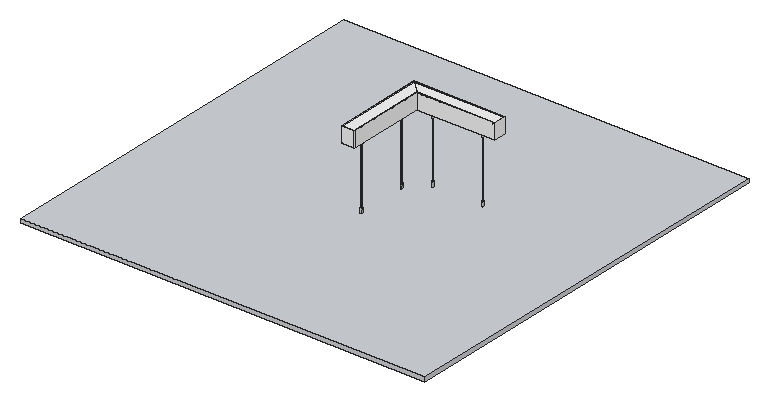
Revit family "Zumtobel SLOTLIGHT INF II MSC CL", category Lighting Fixtures, host Face, Revit 2018
Family settings
  Host = Face
  Round Connector Dimension = Use Diameter
  Part Type = Normal
  OmniClass Number = 23.80.70.11
  OmniClass Title = Luminaries for Internal Lighting
  Cut with Voids When Loaded = No
  Light Source = Yes
  Shared = No
  Room Calculation Point = No
Parameters (values of type "SLN2-B CL 1600-840 L545 PC/PCO LDE")
  Width = 76 mm  # constant formula
  Wattage = 11.1753 W
  built-in parameter 1150110 = 1 (stored number, unit not read)
  Voltage = 230 V
  URL = "http://www.zumtobel.com/42189246"
  Type Comments = "© Zumtobel. We reserve the right to make technical changes without prior notice."  # constant formula
  built-in parameter 1114217 = 1 (stored number, unit not read)
  Tilt Angle = -90.00°
  built-in parameter 1150109 = 1 (stored number, unit not read)
  built-in parameter 1150134 = 12
  Suspension Value [instance] = if(Suspension Height = 0 mm, 103 mm, if(Suspension Height < 0 mm, 103 mm, Suspension Height))  # 500 mm
  Suspension Height [instance] = 500 mm
  built-in parameter 1150113 = 1 (stored number, unit not read)
  SLN2-B = not(Minicell)  # yes
  Photometric Web File = "42189246_(840PC-4000K-diffuse_LEO1).IES"
  Opaque Cover [instance] = yes
  Model = "42189246+22903548"
  Minicell = no
  Manufacturer = "Zumtobel Lighting"  # constant formula
  built-in parameter 1150105 = 132.1 (stored number, unit not read)
  Lumens = 1660 lm
  built-in parameter 1150115 = 1 (stored number, unit not read)
  built-in parameter 1150137 = (empty or 0)
  built-in parameter 1150139 = (empty or 0)
  Length = 545 mm
  built-in parameter 1150112 = 1 (stored number, unit not read)
  built-in parameter 1150114 = 1 (stored number, unit not read)
  Lamp = "LED"
  built-in parameter 1150132 = 2
  built-in parameter 1150102 = (empty or 0)
  built-in parameter 1150107 = 4000 (stored number, unit not read)
  built-in parameter 1150138 = (empty or 0)
  built-in parameter 1150106 = 1.321 (stored number, unit not read)
  Height = 92 mm  # constant formula
  End Cover 2 [instance] = yes
  End Cover 1 [instance] = yes
  Emit from Rectangle Width = Length  # 545 mm
  Emit from Rectangle Length = 71 mm  # constant formula
  Emit Shape Visible in Rendering = no
  built-in parameter 1150104 = 13.8 (stored number, unit not read)
  Dimming Lamp Color Temperature Shift = <None>
  Description = "SLOTLIGHT Infinity II MSC conrer luminaire"  # constant formula
  Default Elevation = 0 mm
  Color Filter = 16777215
  Body [instance] = Zumtobel_Metal_White
  built-in parameter 1114218 = 1 (stored number, unit not read)
  built-in parameter 1150133 = 10 (stored number, unit not read)
  Assembly Code = "D5020200"
  Apparent Load = 13.6 VA
Reference planes
  plane 1 "Center (Front/Back)": y = 0
  plane 2 "Top": z = 0
  plane 3 "Center (Left/Right)": x = -0.5
  plane 4: y = 272.5
  plane 5: y = -272.5
  plane 6: z = 500
  plane 7: y = 129.5
  plane 8: x = -38.5
  plane 9: x = 37.5
  plane 10: y = 196.5
  plane 11: y = 234.5
  plane 12: x = 506.5
  plane 13: x = 234
Forms (mm)
  Extrusion 1, solid
    sketch origin (0, 0, 0) x (1, 0, 0) y (0, 1, 0)
      loop
        line (-1219.2, 1219.2) -> (-1219.2, -1219.2) -> (1219.2, -1219.2) -> (1219.2, 1219.2) -> (-1219.2, 1219.2)
    from 0 to -25
Dimensions and locks
  equal spacing: plane 4, plane 1 "Center (Front/Back)", plane 5
  "Length": plane 4 to plane 5
  "Suspension Value": plane 6 to plane 2 "Top"
  locked: plane 4 to plane 7 at 143
  locked: connector elem to plane 7
  "Width": plane 8 to plane 9
  equal spacing: plane 8, plane 3 "Center (Left/Right)", plane 9
  equal spacing: plane 10, plane 11, plane 4
  "Width": plane 10 to plane 4
  "Length": plane 8 to plane 12
  equal spacing: plane 8, plane 13, plane 12
  aligned and locked: plane 2 "Top" to Extrusion 1
  aligned and locked: level to Extrusion 1
  aligned and locked: plane 3 "Center (Left/Right)" to nested 1
  aligned and locked: nested 1 to plane 1 "Center (Front/Back)"
  aligned: imposter light to nested 1
  aligned and locked: plane 3 "Center (Left/Right)" to imposter light
  aligned and locked: imposter light to plane 6
  aligned and locked: plane 2 "Top" to nested 1
  aligned and locked: plane 8 to nested 2
  aligned and locked: nested 2 to plane 11
  aligned and locked: nested 3 to plane 11
  aligned and locked: nested 3 to plane 13
Automatic sketch dimensions
  Extrusion 1 sketch curve to Extrusion 1 sketch curve = 2438.4 mm  (x2)
Nested families
  nested 1: "Zumtobel SLOTLIGHT - Body" at (199.5, 72.576, 120), Suspension Height <- "Suspension Height", Cover 1 <- "End Cover 1", Opaque Cover <- "Opaque Cover", Body <- "Body", type "Zumtobel SLOTLIGHT - Body"
    with Suspension Value 500 mm, Suspension Length 408 mm, Suspension Height 500 mm, Suspension yes, Opaque Cover yes, Cover 1 yes, Cover Zumtobel_Metal_White, Color Light Emitting Surface none, Body Zumtobel_Metal_White
  nested 2: "Zumtobel SLOTLIGHT - Body" at (161.424, 34.5, 120) x (0, -1, 0) z (0, 0, 1), Suspension Height <- "Suspension Height", Cover 1 <- "End Cover 2", Opaque Cover <- "Opaque Cover", Body <- "Body", type "Zumtobel SLOTLIGHT - Body"
    with Suspension Value 500 mm, Suspension Length 408 mm, Suspension Height 500 mm, Suspension yes, Opaque Cover yes, Cover 1 yes, Cover Zumtobel_Metal_White, Color Light Emitting Surface none, Body Zumtobel_Metal_White
  nested 3: "Zumtobel SLOTLIGHT INF II MRC CL Lamp" at (233.5, 234.587, 500) x (-1, 0, 0) z (0, 0, 1), type "SLN2-C CL MRC L545 WH"
    with Opaque Cover no, End Cover 2 yes, End Cover 1 yes, Cover 2 Offset 3 mm, Cover 1 Offset 3 mm, Body Zumtobel_Metal_White
Connectors
  electrical at (-0.5, 129.5, 0), driven by "Apparent Load", driven by "Voltage", driven by "Apparent Load"
    settings: index 1, voltage 230 V, apparent load 13.6 VA, apparent load phase1 13.6 VA, apparent load phase2 0 VA, apparent load phase3 0 VA, power factor 1, load classification "Lighting", number of poles 1, system type 30, power factor state 1, is connector primary yes, connector utility no, sub classification motor no, connector description "Power"
Definition of nested family "Zumtobel SLOTLIGHT - Body"
  Parameters (values of type "Zumtobel SLOTLIGHT - Body")
    Width = 76 mm
    Voltage = 0
    URL = ""
    Suspension Value [instance] = if(Suspension Height = 0 mm, 103 mm, Suspension Height)  # 250 mm
    Suspension Length [instance] = if(Suspension Height = 0 mm, 500 mm, Suspension Height - 92 mm)  # 158 mm
    Suspension Height [instance] = 250 mm
    Suspension [instance] = not(or(Suspension Height < 0 mm, Suspension Height = 0 mm))  # yes
    Opaque Cover [instance] = yes
    Model = ""
    Minicell = no
    Manufacturer = "Zumtobel Lighting"
    MSC = yes
    Length = 545 mm
    Lamp = ""
    Emit Shape Visible in Rendering = no
    Description = ""
    Cover 1 [instance] = yes
    Cover [instance] = none
    Color Light Emitting Surface [instance] = none
    Body [instance] = none
    Assembly Code = "D5020200"
    Apparent Load = 0 VA
  Reference planes
    plane 1 "Bottom Body": z = 380
    plane 2 "Center (Left/Right)": x = -200
    plane 3 "Center (Front/Back)": y = -72.576
    plane 4 "Back": y = 199.924
    plane 5 "Front": y = -345.076
    plane 6: x = -162
    plane 7: x = -238
    plane 8 "Top": z = 130
    plane 9 "Bottom": z = -120
    plane 10 "Suspension 2": y = 56.924
    plane 11 "Suspension 1": y = -245.076
    plane 12: z = 357
    plane 13: z = 38
    plane 14 "Top Body": z = 38
    plane 15: z = 27
    plane 16: z = 4
    plane 17 "Cut": z = 127.5
    plane 18: y = -598.382
    plane 19: y = -588.382
    plane 20: y = -573.382
    plane 21: y = -533.382
    plane 22: y = -523.382
    plane 23: y = -583.382
    plane 24: y = -508.382
    plane 25: y = -468.382
    plane 26: y = -458.382
    plane 27: y = -518.382
    plane 28: y = -443.382
    plane 29: y = -403.382
    plane 30: y = -393.382
    plane 31: y = -453.382
    plane 32: y = -378.382
    plane 33: y = -338.382
    plane 34: y = -328.382
    plane 35: y = -388.382
    plane 36: y = -313.382
    plane 37: y = -273.382
    plane 38: y = -263.382
    plane 39: y = -323.382
    plane 40: y = -248.382
    plane 41: y = -208.382
    plane 42: y = -198.382
    plane 43: y = -258.382
    plane 44: y = -183.382
    plane 45: y = -143.382
    plane 46: y = -133.382
    plane 47: y = -193.382
    plane 48: y = -118.382
    plane 49: y = -78.382
    plane 50: y = -68.382
    plane 51: y = -128.382
    plane 52: y = -53.382
    plane 53: y = -13.382
    plane 54: y = -3.382
    plane 55: y = -63.382
    plane 56: y = 11.618
    plane 57: y = 51.618
    plane 58: y = 61.618
    plane 59: y = 1.618
    plane 60: y = 76.618
    plane 61: y = 116.618
    plane 62: y = 126.618
    plane 63: y = 66.618
    plane 64: y = 141.618
    plane 65: y = 131.618
    plane 66 "2": y = 66.924
    plane 67 "3": y = 46.924
    plane 68 "4": y = -255.076
    plane 69 "5": y = -235.076
    plane 70: z = -95
    plane 71 "6": y = -348.076
    plane 72 "7": y = 202.924
    plane 73: y = 181.618
    plane 74: y = 191.618
  Forms (mm)
    Extrusion 1, solid, visible <- "Suspension", detail levels medium+fine
      sketch origin (0, 0, -120) x (1, 0, 0) y (0, 1, 0)
        loop
          circle (-200, 56.924) r 1.5
        loop
          circle (-200, -245.076) r 1.5
      from 25 to 124
    Extrusion 2, solid, visible <- "Suspension", detail levels medium+fine
      sketch origin (0, 0, -40) x (1, 0, 0) y (0, 1, 0)
        loop
          circle (-200, 56.924) r 5
        loop
          circle (-200, -245.076) r 5
      from 44 to 67
    Sweep 3, solid, material <- "Body", visible <- "MSC", detail levels medium+fine
      path origin (0, 0, 130) x (-1, 0, 0) y (0, -1, 0)
        loop
          line (200, 345.076) -> (200, -199.924)
      profile "Zumtobel SLOTLIGHT INF Profile : Zumtobel SLOTLIGHT INF Profile" origin (-200, -72.576, 130) x (-1, 0, 0) y (0, 0, 1)
        loop
          line (-38, -92) -> (-35.5, -92) -> (-35.5, -87) -> (35.5, -87) -> (35.5, -92) -> (38, -92) -> (38, 0) -> (35.5, 0) -> (35.5, -5) -> (33, -5) -> (33, -2.5) -> (-33, -2.5) -> (-33, -5) -> (-35.5, -5) -> (-35.5, 0) -> (-38, 0) -> (-38, -92)
    Sweep 4, solid, detail levels medium+fine
      path origin (0, 0, 130) x (-1, 0, 0) y (0, -1, 0)
        loop
          line (200, -46.924) -> (200, -66.924)
      profile "Zumtobel SLOTLIGHT INF Clip Profile : Zumtobel SLOTLIGHT INF Clip Profile" origin (-200, 56.924, 130) x (-1, 0, 0) y (0, 0, 1)
        loop
          line (-20.008, -87) -> (-20.008, -92) -> (-13.657, -103) -> (13.657, -103) -> (20.008, -92) -> (20.008, -87) -> (-20.008, -87)
    Sweep 5, solid, detail levels medium+fine
      path origin (0, -395.153, 130) x (-1, 0, 0) y (0, 1, 0)
        loop
          line (200, 160.076) -> (200, 140.076)
      profile "Zumtobel SLOTLIGHT INF Clip Profile : Zumtobel SLOTLIGHT INF Clip Profile" origin (-200, -245.076, 130) x (1, 0, 0) y (0, 0, 1)
        loop
          line (20.008, -87) -> (-20.008, -87) -> (-20.008, -92) -> (-13.657, -103) -> (13.657, -103) -> (20.008, -92) -> (20.008, -87)
    Sweep 6, solid, material <- "Body", visible <- "Cover 1", detail levels medium+fine
      path origin (0, -395.153, 130) x (-1, 0, 0) y (0, 1, 0)
        loop
          line (200, 50.076) -> (200, 47.076)
      profile "Zumtobel SLOTLIGHT INF Cover : Zumtobel SLOTLIGHT INF Cover" origin (-200, -346.576, 130) x (1, 0, 0) y (0, 0, 1)
        loop
          line (38, -92) -> (38, 0) -> (-38, 0) -> (-38, -92) -> (38, -92)
    Sweep 7, solid, material <- "Body", visible <- "Minicell", detail levels medium+fine
      path origin (0, 0, 130) x (-1, 0, 0) y (0, -1, 0)
        loop
          line (200, 345.076) -> (200, -199.924)
      profile "Zumtobel SLOTLIGHT INF Profile : Zumtobel SLOTLIGHT INF Profile" origin (-200, -72.576, 130) x (-1, 0, 0) y (0, 0, 1)
        loop
          line (-38, -92) -> (-35.5, -92) -> (-35.5, -87) -> (35.5, -87) -> (35.5, -92) -> (38, -92) -> (38, 0) -> (35.5, 0) -> (35.5, -5) -> (33, -5) -> (33, -2.5) -> (-33, -2.5) -> (-33, -5) -> (-35.5, -5) -> (-35.5, 0) -> (-38, 0) -> (-38, -92)
    Blend 8, void
      base sketch origin (-1000, 520, 127.5) x (-1, 0, 0) y (0, -1, 0)
        loop
          line (-770.305, 887.576) -> (-770.305, 1108.382) -> (-830.305, 1108.382) -> (-830.305, 887.576) -> (-770.305, 887.576)
      top sketch origin (-1000, 520, 127.5) x (-1, 0, 0) y (0, -1, 0)
        loop
          line (-780.305, 877.576) -> (-780.305, 1118.382) -> (-820.305, 1118.382) -> (-820.305, 877.576) -> (-780.305, 877.576)
      from 0 to -30
    Blend 9, void
      base sketch origin (-1000, 585, 127.5) x (-1, 0, 0) y (0, -1, 0)
        loop
          line (-770.305, 1168.382) -> (-830.305, 1168.382) -> (-830.305, 1108.382) -> (-770.305, 1108.382) -> (-770.305, 1168.382)
      top sketch origin (-1000, 585, 127.5) x (-1, 0, 0) y (0, -1, 0)
        loop
          line (-780.305, 1158.382) -> (-820.305, 1158.382) -> (-820.305, 1118.382) -> (-780.305, 1118.382) -> (-780.305, 1158.382)
      from 0 to -30
    Blend 10, void
      base sketch origin (-1000, 650, 127.5) x (-1, 0, 0) y (0, -1, 0)
        loop
          line (-770.305, 1168.382) -> (-830.305, 1168.382) -> (-830.305, 1108.382) -> (-770.305, 1108.382) -> (-770.305, 1168.382)
      top sketch origin (-1000, 650, 127.5) x (-1, 0, 0) y (0, -1, 0)
        loop
          line (-780.305, 1158.382) -> (-820.305, 1158.382) -> (-820.305, 1118.382) -> (-780.305, 1118.382) -> (-780.305, 1158.382)
      from 0 to -30
    Blend 11, void
      base sketch origin (-1000, 715, 127.5) x (-1, 0, 0) y (0, -1, 0)
        loop
          line (-770.305, 1168.382) -> (-830.305, 1168.382) -> (-830.305, 1108.382) -> (-770.305, 1108.382) -> (-770.305, 1168.382)
      top sketch origin (-1000, 715, 127.5) x (-1, 0, 0) y (0, -1, 0)
        loop
          line (-780.305, 1158.382) -> (-820.305, 1158.382) -> (-820.305, 1118.382) -> (-780.305, 1118.382) -> (-780.305, 1158.382)
      from 0 to -30
    Blend 12, void
      base sketch origin (-1000, 780, 127.5) x (-1, 0, 0) y (0, -1, 0)
        loop
          line (-770.305, 1168.382) -> (-830.305, 1168.382) -> (-830.305, 1108.382) -> (-770.305, 1108.382) -> (-770.305, 1168.382)
      top sketch origin (-1000, 780, 127.5) x (-1, 0, 0) y (0, -1, 0)
        loop
          line (-780.305, 1158.382) -> (-820.305, 1158.382) -> (-820.305, 1118.382) -> (-780.305, 1118.382) -> (-780.305, 1158.382)
      from 0 to -30
    Blend 13, void
      base sketch origin (-1000, 845, 127.5) x (-1, 0, 0) y (0, -1, 0)
        loop
          line (-770.305, 1168.382) -> (-830.305, 1168.382) -> (-830.305, 1108.382) -> (-770.305, 1108.382) -> (-770.305, 1168.382)
      top sketch origin (-1000, 845, 127.5) x (-1, 0, 0) y (0, -1, 0)
        loop
          line (-780.305, 1158.382) -> (-820.305, 1158.382) -> (-820.305, 1118.382) -> (-780.305, 1118.382) -> (-780.305, 1158.382)
      from 0 to -30
    Blend 14, void
      base sketch origin (-1000, 910, 127.5) x (-1, 0, 0) y (0, -1, 0)
        loop
          line (-770.305, 1168.382) -> (-830.305, 1168.382) -> (-830.305, 1108.382) -> (-770.305, 1108.382) -> (-770.305, 1168.382)
      top sketch origin (-1000, 910, 127.5) x (-1, 0, 0) y (0, -1, 0)
        loop
          line (-780.305, 1158.382) -> (-820.305, 1158.382) -> (-820.305, 1118.382) -> (-780.305, 1118.382) -> (-780.305, 1158.382)
      from 0 to -30
    Blend 15, void
      base sketch origin (-1000, 975, 127.5) x (-1, 0, 0) y (0, -1, 0)
        loop
          line (-770.305, 1168.382) -> (-830.305, 1168.382) -> (-830.305, 1108.382) -> (-770.305, 1108.382) -> (-770.305, 1168.382)
      top sketch origin (-1000, 975, 127.5) x (-1, 0, 0) y (0, -1, 0)
        loop
          line (-780.305, 1158.382) -> (-820.305, 1158.382) -> (-820.305, 1118.382) -> (-780.305, 1118.382) -> (-780.305, 1158.382)
      from 0 to -30
    Blend 16, void
      base sketch origin (-1000, 1040, 127.5) x (-1, 0, 0) y (0, -1, 0)
        loop
          line (-770.305, 1168.382) -> (-830.305, 1168.382) -> (-830.305, 1108.382) -> (-770.305, 1108.382) -> (-770.305, 1168.382)
      top sketch origin (-1000, 1040, 127.5) x (-1, 0, 0) y (0, -1, 0)
        loop
          line (-780.305, 1158.382) -> (-820.305, 1158.382) -> (-820.305, 1118.382) -> (-780.305, 1118.382) -> (-780.305, 1158.382)
      from 0 to -30
    Blend 17, void
      base sketch origin (-1000, 1105, 127.5) x (-1, 0, 0) y (0, -1, 0)
        loop
          line (-770.305, 1168.382) -> (-830.305, 1168.382) -> (-830.305, 1108.382) -> (-770.305, 1108.382) -> (-770.305, 1168.382)
      top sketch origin (-1000, 1105, 127.5) x (-1, 0, 0) y (0, -1, 0)
        loop
          line (-780.305, 1158.382) -> (-820.305, 1158.382) -> (-820.305, 1118.382) -> (-780.305, 1118.382) -> (-780.305, 1158.382)
      from 0 to -30
    Blend 18, void
      base sketch origin (-1000, 1170, 127.5) x (-1, 0, 0) y (0, -1, 0)
        loop
          line (-770.305, 1168.382) -> (-830.305, 1168.382) -> (-830.305, 1108.382) -> (-770.305, 1108.382) -> (-770.305, 1168.382)
      top sketch origin (-1000, 1170, 127.5) x (-1, 0, 0) y (0, -1, 0)
        loop
          line (-780.305, 1158.382) -> (-820.305, 1158.382) -> (-820.305, 1118.382) -> (-780.305, 1118.382) -> (-780.305, 1158.382)
      from 0 to -30
    Blend 19, void
      base sketch origin (-1000, 1235, 127.5) x (-1, 0, 0) y (0, -1, 0)
        loop
          line (-770.305, 1168.382) -> (-830.305, 1168.382) -> (-830.305, 1108.382) -> (-770.305, 1108.382) -> (-770.305, 1168.382)
      top sketch origin (-1000, 1235, 127.5) x (-1, 0, 0) y (0, -1, 0)
        loop
          line (-780.305, 1158.382) -> (-820.305, 1158.382) -> (-820.305, 1118.382) -> (-780.305, 1118.382) -> (-780.305, 1158.382)
      from 0 to -30
    Blend 20, void
      base sketch origin (-1000, 1300, 127.5) x (-1, 0, 0) y (0, -1, 0)
        loop
          line (-770.305, 1168.382) -> (-830.305, 1168.382) -> (-830.305, 1108.382) -> (-770.305, 1108.382) -> (-770.305, 1168.382)
      top sketch origin (-1000, 1300, 127.5) x (-1, 0, 0) y (0, -1, 0)
        loop
          line (-780.305, 1158.382) -> (-820.305, 1158.382) -> (-820.305, 1118.382) -> (-780.305, 1118.382) -> (-780.305, 1158.382)
      from 0 to -30
    Sweep 21, solid, material <- "Cover", visible <- "Opaque Cover", detail levels medium+fine
      path origin (-100, 0, 130) x (-1, 0, 0) y (0, -1, 0)
        loop
          line (100, 345.076) -> (100, -199.924)
      profile "Zumtobel SLOTLIGHT INF Profile Opaque Cover : Zumtobel SLOTLIGHT INF Profile Opaque Cover" origin (-200, -72.576, 130) x (-1, 0, 0) y (0, 0, 1)
        loop
          line (-35.5, -2.5) -> (35.5, -2.5) -> (35.5, 0) -> (-35.5, 0) -> (-35.5, -2.5)
    Extrusion 22, solid, visible <- "Suspension", detail levels medium+fine
      sketch origin (0, 0, -145) x (1, 0, 0) y (0, 1, 0)
        loop
          circle (-200, 56.924) r 5
        loop
          circle (-200, -245.076) r 5
      from 25 to 50
    Extrusion 23, void
      sketch origin (-238, 199.924, 38) x (0.707107, -0.707107, 0) y (0, 0, 1)
        loop
          line (120, 0) -> (120, 150) -> (-30, 150) -> (-30, 0) -> (120, 0)
      from 0 to -100
  Cuts and joins
    Blend 8, Blend 9, Blend 10, Blend 11, Blend 12, Blend 13, Blend 14, Blend 15, Blend 16, Blend 17, Blend 18, Blend 19, Blend 20, Extrusion 23 cuts Sweep 7
    Extrusion 23 cuts Sweep 21
    Extrusion 23 cuts Sweep 3
  Lines and regions (mm)
    reference lines
      curve 1: line (-238, 199.924, 38) -> (-139.005, 100.929, 38)
    model lines, detail levels coarse
      curve 2: line (-200, -345.076, 130) -> (-200, 161.924, 130)
      curve 3: line (-238, -345.076, 130) -> (-162, -345.076, 130)
  Dimensions and locks
    equal spacing: plane 4 "Back", plane 3 "Center (Front/Back)", plane 5 "Front"
    "Length": plane 4 "Back" to plane 5 "Front"
    equal spacing: plane 7, plane 2 "Center (Left/Right)", plane 6
    "Width": plane 7 to plane 6
    locked: plane 11 "Suspension 1" to plane 5 "Front" at 100
    locked: plane 8 "Top" to plane 13 at 92
    "Suspension Length": plane 14 "Top Body" to plane 9 "Bottom"
    "Suspension Value": plane 8 "Top" to plane 9 "Bottom"
    plane 14 "Top Body" to plane 15 to plane 16 = 11 mm locked, 23 mm locked
    locked: plane 8 "Top" to plane 17 "Cut" at 2.5
    plane 66 "2" to plane 10 "Suspension 2" to plane 67 "3" = 10 mm locked, 10 mm locked
    plane 68 "4" to plane 11 "Suspension 1" to plane 69 "5" = 10 mm locked, 10 mm locked
    locked: plane 5 "Front" to plane 71 "6" at 3
    locked: plane 4 "Back" to plane 10 "Suspension 2" at 143
    locked: Extrusion 23 sketch curve to Extrusion 23 sketch curve at 150
    locked: curve 1 to plane 4 "Back" (angle 45.00°)
    aligned and locked: level to plane 9 "Bottom"
    aligned: plane 1 "Bottom Body" to Extrusion 2
    aligned and locked: plane 2 "Center (Left/Right)" to Sweep 3 sketch curve
    aligned and locked: plane 4 "Back" to Sweep 3 sketch curve
    aligned and locked: plane 5 "Front" to Sweep 3 sketch curve
    aligned and locked: plane 16 to Extrusion 1
    aligned and locked: Extrusion 2 to plane 16
    aligned and locked: plane 15 to Extrusion 2
    aligned and locked: plane 18 to Blend 8 sketch curve
    aligned and locked: Blend 8 sketch curve to plane 19
    aligned and locked: plane 21 to Blend 9 sketch curve
    aligned and locked: Blend 9 sketch curve to plane 20
    aligned and locked: Blend 9 sketch curve to plane 22
    aligned and locked: plane 23 to Blend 9 sketch curve
    aligned and locked: plane 25 to Blend 10 sketch curve
    aligned and locked: Blend 10 sketch curve to plane 24
    aligned and locked: Blend 10 sketch curve to plane 26
    aligned and locked: plane 27 to Blend 10 sketch curve
    aligned and locked: plane 29 to Blend 11 sketch curve
    aligned and locked: Blend 11 sketch curve to plane 28
    aligned and locked: Blend 11 sketch curve to plane 30
    aligned and locked: plane 31 to Blend 11 sketch curve
    aligned and locked: plane 33 to Blend 12 sketch curve
    aligned and locked: Blend 12 sketch curve to plane 32
    aligned and locked: Blend 12 sketch curve to plane 34
    aligned and locked: plane 35 to Blend 12 sketch curve
    aligned and locked: plane 37 to Blend 13 sketch curve
    aligned and locked: Blend 13 sketch curve to plane 36
    aligned and locked: Blend 13 sketch curve to plane 38
    aligned and locked: plane 39 to Blend 13 sketch curve
    aligned and locked: plane 41 to Blend 14 sketch curve
    aligned and locked: Blend 14 sketch curve to plane 40
    aligned and locked: Blend 14 sketch curve to plane 42
    aligned and locked: plane 43 to Blend 14 sketch curve
    aligned and locked: plane 45 to Blend 15 sketch curve
    aligned and locked: Blend 15 sketch curve to plane 44
    aligned and locked: Blend 15 sketch curve to plane 46
    aligned and locked: plane 47 to Blend 15 sketch curve
    aligned and locked: plane 49 to Blend 16 sketch curve
    aligned and locked: Blend 16 sketch curve to plane 48
    aligned and locked: Blend 16 sketch curve to plane 50
    aligned and locked: plane 51 to Blend 16 sketch curve
    aligned and locked: plane 53 to Blend 17 sketch curve
    aligned and locked: Blend 17 sketch curve to plane 52
    aligned and locked: Blend 17 sketch curve to plane 54
    aligned and locked: plane 55 to Blend 17 sketch curve
    aligned and locked: plane 57 to Blend 18 sketch curve
    aligned and locked: Blend 18 sketch curve to plane 56
    aligned and locked: Blend 18 sketch curve to plane 58
    aligned and locked: plane 59 to Blend 18 sketch curve
    aligned and locked: plane 61 to Blend 19 sketch curve
    aligned and locked: Blend 19 sketch curve to plane 60
    aligned and locked: Blend 19 sketch curve to plane 62
    aligned and locked: plane 63 to Blend 19 sketch curve
    aligned and locked: Blend 20 sketch curve to plane 64
    aligned and locked: plane 65 to Blend 20 sketch curve
    aligned and locked: plane 69 "5" to Sweep 5 sketch curve
    aligned and locked: plane 68 "4" to Sweep 5 sketch curve
    aligned and locked: plane 66 "2" to Sweep 4 sketch curve
    aligned and locked: plane 67 "3" to Sweep 4 sketch curve
    aligned and locked: plane 4 "Back" to Sweep 21 sketch curve
    aligned and locked: plane 5 "Front" to Sweep 21 sketch curve
    aligned and locked: Extrusion 1 to plane 70
    aligned and locked: plane 70 to Extrusion 22
    aligned and locked: Extrusion 22 to plane 9 "Bottom"
    aligned and locked: plane 71 "6" to Sweep 6 sketch curve
    aligned and locked: plane 5 "Front" to Sweep 6 sketch curve
    aligned and locked: plane 73 to Blend 20 sketch curve
    aligned and locked: Blend 20 sketch curve to plane 74
    aligned and locked: plane 7 to curve 1
    aligned and locked: plane 4 "Back" to curve 1
    aligned and locked: Extrusion 23 sketch curve to curve 1
  Automatic sketch dimensions
    Extrusion 1 sketch curve to plane 2 "Center (Left/Right)" = 0 mm  (x2)
    plane 11 "Suspension 1" to Extrusion 1 sketch curve = 0 mm
    Extrusion 1 sketch curve to plane 10 "Suspension 2" = 0 mm
    Extrusion 2 sketch curve to plane 2 "Center (Left/Right)" = 0 mm  (x2)
    plane 11 "Suspension 1" to Extrusion 2 sketch curve = 0 mm
    Extrusion 2 sketch curve to plane 10 "Suspension 2" = 0 mm
    Sweep 4 sketch curve to plane 2 "Center (Left/Right)" = 0 mm
    Sweep 5 sketch curve to plane 2 "Center (Left/Right)" = 0 mm
    Sweep 6 sketch curve to plane 2 "Center (Left/Right)" = 0 mm
    Sweep 7 sketch curve to plane 2 "Center (Left/Right)" = 0 mm
    Sweep 7 sketch curve to plane 4 "Back" = 0 mm
    Sweep 7 sketch curve to plane 5 "Front" = 0 mm
    Blend 8 sketch curve to plane 6 = 7.695 mm
    Blend 8 sketch curve to plane 7 = 8.305 mm
    Blend 8 sketch curve to plane 6 = 17.695 mm
    Blend 8 sketch curve to plane 7 = 18.305 mm
    Blend 9 sketch curve to plane 6 = 7.695 mm
    Blend 9 sketch curve to plane 7 = 8.305 mm
    Blend 9 sketch curve to plane 6 = 17.695 mm
    Blend 9 sketch curve to plane 7 = 18.305 mm
    Blend 10 sketch curve to plane 6 = 7.695 mm
    Blend 10 sketch curve to plane 7 = 8.305 mm
    Blend 10 sketch curve to plane 6 = 17.695 mm
    Blend 10 sketch curve to plane 7 = 18.305 mm
    Blend 11 sketch curve to plane 6 = 7.695 mm
    Blend 11 sketch curve to plane 7 = 8.305 mm
    Blend 11 sketch curve to plane 6 = 17.695 mm
    Blend 11 sketch curve to plane 7 = 18.305 mm
    Blend 12 sketch curve to plane 6 = 7.695 mm
    Blend 12 sketch curve to plane 7 = 8.305 mm
    Blend 12 sketch curve to plane 6 = 17.695 mm
    Blend 12 sketch curve to plane 7 = 18.305 mm
    Blend 13 sketch curve to plane 6 = 7.695 mm
    Blend 13 sketch curve to plane 7 = 8.305 mm
    Blend 13 sketch curve to plane 6 = 17.695 mm
    Blend 13 sketch curve to plane 7 = 18.305 mm
    Blend 14 sketch curve to plane 6 = 7.695 mm
    Blend 14 sketch curve to plane 7 = 8.305 mm
    Blend 14 sketch curve to plane 6 = 17.695 mm
    Blend 14 sketch curve to plane 7 = 18.305 mm
    Blend 15 sketch curve to plane 6 = 7.695 mm
    Blend 15 sketch curve to plane 7 = 8.305 mm
    Blend 15 sketch curve to plane 6 = 17.695 mm
    Blend 15 sketch curve to plane 7 = 18.305 mm
    Blend 16 sketch curve to plane 6 = 7.695 mm
    Blend 16 sketch curve to plane 7 = 8.305 mm
    Blend 16 sketch curve to plane 6 = 17.695 mm
    Blend 16 sketch curve to plane 7 = 18.305 mm
    Blend 17 sketch curve to plane 6 = 7.695 mm
    Blend 17 sketch curve to plane 7 = 8.305 mm
    Blend 17 sketch curve to plane 6 = 17.695 mm
    Blend 17 sketch curve to plane 7 = 18.305 mm
    Blend 18 sketch curve to plane 6 = 7.695 mm
    Blend 18 sketch curve to plane 7 = 8.305 mm
    Blend 18 sketch curve to plane 6 = 17.695 mm
    Blend 18 sketch curve to plane 7 = 18.305 mm
    Blend 19 sketch curve to plane 6 = 7.695 mm
    Blend 19 sketch curve to plane 7 = 8.305 mm
    Blend 19 sketch curve to plane 6 = 17.695 mm
    Blend 19 sketch curve to plane 7 = 18.305 mm
    Blend 20 sketch curve to plane 6 = 7.695 mm
    Blend 20 sketch curve to plane 7 = 8.305 mm
    Blend 20 sketch curve to plane 6 = 17.695 mm
    Blend 20 sketch curve to plane 7 = 18.305 mm
    Sweep 21 sketch curve to plane 2 "Center (Left/Right)" = 0 mm
    Extrusion 22 sketch curve to plane 2 "Center (Left/Right)" = 0 mm  (x2)
    plane 11 "Suspension 1" to Extrusion 22 sketch curve = 0 mm
    Extrusion 22 sketch curve to plane 10 "Suspension 2" = 0 mm
    Blend 8 sketch curve to plane 71 "6" = 19.5 mm
    Blend 8 sketch curve to plane 71 "6" = 9.5 mm
    Extrusion 23 sketch curve to curve 1 = 20 mm
    Extrusion 23 sketch curve to curve 1 = 30 mm
    curve 3 to plane 5 "Front" = 0 mm
    curve 3 to plane 6 = 0 mm
    curve 2 to plane 2 "Center (Left/Right)" = 0 mm
    curve 3 to plane 7 = 0 mm
    curve 2 to plane 73 = 19.695 mm
    radius of Extrusion 1 sketch curve = 1.5 mm  (x2)
    radius of Extrusion 2 sketch curve = 5 mm  (x2)
    radius of Extrusion 22 sketch curve = 5 mm  (x2)
Definition of nested family "Zumtobel SLOTLIGHT INF II MRC CL Lamp"
  Parameters (values of type "SLN2-C CL MRC L545 WH")
    Width = 80 mm  # constant formula
    Wattage = 11.108 W
    built-in parameter 1150110 = 1 (stored number, unit not read)
    URL = "http://www.zumtobel.com/42189246"
    Type Comments = "© Zumtobel. We reserve the right to make technical changes without prior notice."  # constant formula
    built-in parameter 1114217 = 1 (stored number, unit not read)
    Tilt Angle = -90.00°
    built-in parameter 1150109 = 1 (stored number, unit not read)
    built-in parameter 1150134 = 12
    built-in parameter 1150113 = 1 (stored number, unit not read)
    SLN2-B = not(Minicell)  # yes
    Photometric Web File = "42189246_(840PC-4000K-diffuse_LEO1).IES"
    Opaque Cover [instance] = no
    Model = "42189246+ 22172366"
    Minicell = no
    Manufacturer = "Zumtobel Lighting"  # constant formula
    built-in parameter 1150105 = 131.3 (stored number, unit not read)
    Lumens = 1650 lm
    built-in parameter 1150115 = 1 (stored number, unit not read)
    built-in parameter 1150137 = (empty or 0)
    built-in parameter 1150139 = (empty or 0)
    Length = 545 mm
    built-in parameter 1150112 = 1 (stored number, unit not read)
    built-in parameter 1150114 = 1 (stored number, unit not read)
    Lamp = "LED"
    built-in parameter 1150132 = 2
    built-in parameter 1150102 = (empty or 0)
    built-in parameter 1150107 = 4000 (stored number, unit not read)
    built-in parameter 1150138 = (empty or 0)
    built-in parameter 1150106 = 1.313 (stored number, unit not read)
    Height = 136 mm  # constant formula
    End Cover 2 [instance] = yes
    End Cover 1 [instance] = yes
    Emit from Rectangle Width = Length  # 545 mm
    Emit from Rectangle Length = Width  # 80 mm
    Emit Shape Visible in Rendering = no
    built-in parameter 1150104 = 13.8 (stored number, unit not read)
    Dimming Lamp Color Temperature Shift = (empty or 0)
    Description = "SLOTLIGHT Infinity II MRC corner luminaire"  # constant formula
    Default Elevation = 0 mm
    Cover 2 Offset [instance] = if(End Cover 2, 3 mm, 0 mm)  # 3 mm
    Cover 1 Offset [instance] = if(End Cover 1, 3 mm, 0 mm)  # 3 mm
    Color Light Emitting Surface = none
    Color Filter = 16777215
    Body [instance] = none
    built-in parameter 1114218 = 1 (stored number, unit not read)
    built-in parameter 1150133 = 10 (stored number, unit not read)
    Assembly Code = "D5020200"
    Apparent Load = 13.6 VA
  Reference planes
    plane 1 "Center (Front/Back)": y = 0.087
    plane 2 "Top": z = 0
    plane 3 "Center (Left/Right)": x = -0.5
    plane 4 "Bottom": z = 0
    plane 5: z = 0
    plane 6 "Left": x = -273
    plane 7 "v": x = 272
    plane 8: y = 40.087
    plane 9: y = -39.913
  Forms (mm)
    Extrusion 1, solid
      sketch origin (0, 0, 0) x (1, 0, 0) y (0, 1, 0)
        loop
          line (-1219.2, 1219.2) -> (-1219.2, -1219.2) -> (1219.2, -1219.2) -> (1219.2, 1219.2) -> (-1219.2, 1219.2)
      from 0 to -25
  Dimensions and locks
    equal spacing: plane 6 "Left", plane 3 "Center (Left/Right)", plane 7 "v"
    "Length": plane 6 "Left" to plane 7 "v"
    equal spacing: plane 8, plane 1 "Center (Front/Back)", plane 9
    "Width": plane 8 to plane 9
    aligned and locked: plane 2 "Top" to Extrusion 1
    aligned and locked: level to Extrusion 1
    aligned and locked: plane 2 "Top" to imposter light
    aligned and locked: plane 3 "Center (Left/Right)" to imposter light
  Automatic sketch dimensions
    Extrusion 1 sketch curve to Extrusion 1 sketch curve = 2438.4 mm  (x2)
